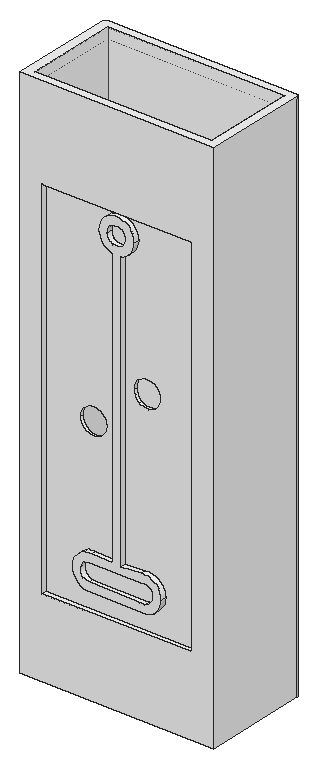
Revit family "STH9730BR_30_STH9730PTO_30", category Luminárias, Revit 2023
Family settings
  Hospedeiro = Parede
  Cota do conector redondo = Utilizar diâmetro
  Tipo de parte = Normal
  Número OmniClass = 23.80.70.00
  Título OmniClass = Lighting
  Sempre na vertical = Sim
  Corte com vazios quando carregada = Não
  Fonte luminosa = Sim
  Manter orientação da anotação = Não
  Compartilhado = Não
  Ponto de cálculo do ambiente = Não
Parameters (values of type "STH9730BR/30 - BRANCO - BIVOLT - 3000K - 200lm")
  Ângulo de inclinação = 90.00°
  Ângulo de Abertura = "70°/70°"
  Wattage = 0.67321 W
  Vidro = Vidro
  URL = "https://stella.com.br/"
  Troca de temperatura da cor de lâmpada com esmaecimento = <Nenhum>
  Tensão Elétrica = "100V-240V"
  built-in parameter 1150107 = 3000 (stored number, unit not read)
  Temperatura da cor (K) = 3000 K
  Referência = "STH9730BR/30"
  Potência = 5 W
  built-in parameter 1150110 = 1 (stored number, unit not read)
  built-in parameter 1150109 = 1 (stored number, unit not read)
  built-in parameter 1114218 = 1 (stored number, unit not read)
  built-in parameter 1150112 = 1 (stored number, unit not read)
  built-in parameter 1150113 = 1 (stored number, unit not read)
  built-in parameter 1150132 = 2
  built-in parameter 1150137 = (empty or 0)
  Modelo = "Wall Mini"
  Luminoso = Luminoso - 3000K
  built-in parameter 1150106 = 0.079577 (stored number, unit not read)
  Largura = 0.02 m
  built-in parameter 1150102 = (empty or 0)
  built-in parameter 1150105 = 7.9577 (stored number, unit not read)
  IRC (Índice de reprodução de cores) = ">80"
  Grau de proteção (IP) = "IP65"
  Fluxo Luminoso = 200 lm
  Color Filter = 16777215
  built-in parameter 1114217 = 1 (stored number, unit not read)
  built-in parameter 1150139 = (empty or 0)
  Fabricante = "Stella"
  Estrutura = Al - Branco
  Default Elevation = 0.00 m
  built-in parameter 1150104 = 13.8 (stored number, unit not read)
  Dimerização = "Não dimerizável"
  built-in parameter 1150115 = 1 (stored number, unit not read)
  built-in parameter 1150114 = 1 (stored number, unit not read)
  Lumens = 100 lm
  built-in parameter 1150138 = (empty or 0)
  built-in parameter 1150134 = (empty or 0)
  Comprimento = 0.036 m
  Arquivo de rede fotométrica = "STELLA - WALL MINI - FACHO ABERTO .ies"
  Altura = 0.10 m
  built-in parameter 1150133 = 10 (stored number, unit not read)
Types (3, lengths in m): name | Referência | Estrutura
  (no name) | "STH9730BR/30" | Al - Branco
  STH9730BR/30 - BRANCO - BIVOLT - 3000K - 200lm | "STH9730BR/30" | Al - Branco
  STH9730PTO/30 - PRETO - BIVOLT - 3000K - 200lm | "STH9730PTO/30" | Al - Preto
Reference planes (m)
  plane 1: y = 0
  plane 2 "Eixo de origem da luz (F/T)": y = 0.1132
  plane 3 "Plano de inclinação da fonte de luz": x = -0.036356
  plane 4 "Elevação da origem da luz": z = 1
  plane 5: x = -0.018356
  plane 6: x = -0.054356
  plane 7: y = 0.1232
  plane 8 "Superior": z = 1.05
  plane 9: z = 0.95
  plane 10 "Centro": z = 1
Forms (m)
  Extrusion 1, solid, material "Al - Branco" <- "Estrutura"
    sketch origin (0, 0, 1) x (0, 1, 0) y (-1, 0, 0)
      loop
        arc (0.1232, 0.053756) -> (0.123024, 0.05418) -> (0.1226, 0.054356) r 0.0006
        line (0.1226, 0.054356) -> (0.1032, 0.054356) -> (0.1032, 0.018356) -> (0.1226, 0.018356)
        arc (0.1226, 0.018356) -> (0.123024, 0.018531) -> (0.1232, 0.018956) r 0.0006
        line (0.1232, 0.018956) -> (0.1232, 0.053756)
      loop
        line (0.1047, 0.052856) -> (0.1047, 0.019856) -> (0.1217, 0.019856) -> (0.1217, 0.052856) -> (0.1047, 0.052856)
    from -0.05 to 0.05
  Extrusion 2, solid, material "Vidro" <- "Vidro"
    sketch origin (0, 0, 1) x (0, 1, 0) y (-1, 0, 0)
      loop
        line (0.1047, 0.052856) -> (0.1047, 0.019856) -> (0.1217, 0.019856) -> (0.1217, 0.052856) -> (0.1047, 0.052856)
    from 0.048 to 0.05
  Extrusion 3, solid, material "Vidro" <- "Vidro"
    sketch origin (0, 0, 1) x (0, 1, 0) y (-1, 0, 0)
      loop
        line (0.1047, 0.052856) -> (0.1047, 0.019856) -> (0.1217, 0.019856) -> (0.1217, 0.052856) -> (0.1047, 0.052856)
    from -0.05 to -0.048
  Extrusion 4, void
    sketch origin (-0.036356, 0, 0) x (0, -1, 0) y (0, 0, 1)
      loop
        line (-0.110858, 0.956738) -> (-0.106144, 0.956738) -> (-0.105431, 0.95753) -> (-0.111496, 0.95753) -> (-0.110858, 0.956738)
      loop
        line (-0.106144, 0.955785) -> (-0.110858, 0.955785) -> (-0.110858, 0.954985) -> (-0.106144, 0.954985) -> (-0.106144, 0.955785)
      loop
        line (-0.110858, 0.954033) -> (-0.111496, 0.953241) -> (-0.105431, 0.953241) -> (-0.106144, 0.954033) -> (-0.110858, 0.954033)
    from 0.01737 to 0.018
  Extrusion 5, void
    sketch origin (0, 0.1132, 0) x (1, 0, 0) y (0, 0, 1)
      loop
        line (-0.022456, 1.0329) -> (-0.050256, 1.0329) -> (-0.050256, 0.9646) -> (-0.022456, 0.9646) -> (-0.022456, 1.0329)
      loop
        circle (-0.036356, 1.029) r 0.00175
      loop
        arc (-0.039606, 1.029) -> (-0.038905, 1.026984) -> (-0.037106, 1.025838) r 0.00325
        line (-0.037106, 1.025838) -> (-0.037106, 0.974255)
        arc (-0.037106, 0.974255) -> (-0.039027, 0.974315) -> (-0.040945, 0.974443) r 0.05475
        arc (-0.040945, 0.974443) -> (-0.044536, 0.97164) -> (-0.041799, 0.968) r 0.00325
        arc (-0.041799, 0.968) -> (-0.036409, 0.967758) -> (-0.031019, 0.967991) r 0.061242
        arc (-0.031019, 0.967991) -> (-0.028906, 0.969033) -> (-0.028052, 0.971228) r 0.00325
        arc (-0.028052, 0.971228) -> (-0.029187, 0.973696) -> (-0.0318, 0.97444) r 0.00325
        arc (-0.0318, 0.97444) -> (-0.033701, 0.974314) -> (-0.035606, 0.974255) r 0.05475
        line (-0.035606, 0.974255) -> (-0.035606, 1.025838)
        arc (-0.035606, 1.025838) -> (-0.033806, 1.026984) -> (-0.033106, 1.029) r 0.00325
        arc (-0.033106, 1.029) -> (-0.036356, 1.03225) -> (-0.039606, 1.029) r 0.00325
      loop
        arc (-0.031614, 0.97295) -> (-0.036356, 0.97275) -> (-0.041097, 0.97295) r 0.05625
        arc (-0.041097, 0.97295) -> (-0.043045, 0.971472) -> (-0.041613, 0.969489) r 0.00175
        arc (-0.041613, 0.969489) -> (-0.036381, 0.969258) -> (-0.03115, 0.969485) r 0.059742
        arc (-0.03115, 0.969485) -> (-0.030012, 0.970046) -> (-0.029552, 0.971228) r 0.00175
        arc (-0.029552, 0.971228) -> (-0.03018, 0.972572) -> (-0.031614, 0.97295) r 0.00175
    from 0.009 to 0.01
  Extrusion 6, void
    sketch origin (0, 0.1132, 0) x (1, 0, 0) y (0, 0, 1)
      loop
        circle (-0.031356, 1.004) r 0.0025
      loop
        circle (-0.041356, 0.996) r 0.0025
    from 0.008564 to 0.010221
Cuts and joins
  Extrusion 4, Extrusion 5, Extrusion 6 cuts Extrusion 1
Text (m)
  text "Lado da colocação" at (0, 1.019848, 3.024603), in view "Direita"
  text "Lado da colocação" at (-0.647662, 0.723012, 0), in view "Nível de referência"
  text "Lado da colocação" at (0, 1.206291, 3.111227), in view "Esquerda"
  text "90 graus" at (-0.2286, 1.537863, 1.719117), in view "Esquerda"
  text "Inclinação da luz de 0 graus" at (-0.2286, 0.870797, 0.30306), in view "Esquerda"
  text "180 graus" at (-0.2286, 0.532154, 2.431909), in view "Esquerda"
Dimensions and locks (m)
  "Comprimento": plane 6 to plane 5
  "Largura": cut or joined group of Extrusion 1, Extrusion 4, Extrusion 5, Extrusion 6 to plane 7
  "Altura": plane 9 to plane 8 "Superior"
  aligned and locked: Extrusion 1 to plane 9
  aligned and locked: plane 8 "Superior" to Extrusion 1
  aligned and locked: Extrusion 1 to Extrusion 2
Automatic sketch dimensions
  Extrusion 1 sketch curve to host wall = 0.00 m
  Extrusion 1 sketch curve to plane 5 = 0.00 m
  Extrusion 1 sketch curve to plane 6 = 0.00 m
  Extrusion 1 sketch curve to plane 7 = 0.00 m
  host wall to Extrusion 1 sketch curve = 0.0015 m
  Extrusion 1 sketch curve to plane 7 = 0.0015 m
  plane 6 to Extrusion 1 sketch curve = 0.0006 m
  Extrusion 1 sketch curve to plane 7 = 0.0006 m
  Extrusion 1 sketch curve to plane 5 = 0.0015 m
  Extrusion 1 sketch curve to Extrusion 1 sketch curve = 0.0009 m
  host wall to Extrusion 2 sketch curve = 0.0015 m
  Extrusion 2 sketch curve to plane 7 = 0.0015 m
  Extrusion 2 sketch curve to plane 5 = 0.0015 m
  plane 6 to Extrusion 2 sketch curve = 0.0015 m
  host wall to Extrusion 3 sketch curve = 0.0015 m
  Extrusion 3 sketch curve to plane 7 = 0.0015 m
  Extrusion 3 sketch curve to plane 5 = 0.0015 m
  plane 6 to Extrusion 3 sketch curve = 0.0015 m
  host wall to Extrusion 4 sketch curve = 0.008296 m
  Extrusion 4 sketch curve to Extrusion 4 sketch curve = 0.00 m  (x4)
  Extrusion 4 sketch curve to Extrusion 4 sketch curve = 0.000638 m  (x2)
  host wall to Extrusion 4 sketch curve = 0.002944 m
  Extrusion 4 sketch curve to Extrusion 4 sketch curve = 0.000713 m  (x2)
  plane 9 to Extrusion 4 sketch curve = 0.003241 m
  Extrusion 4 sketch curve to Extrusion 4 sketch curve = 0.000792 m  (x2)
  Extrusion 4 sketch curve to Extrusion 4 sketch curve = 0.000953 m  (x2)
  Extrusion 4 sketch curve to Extrusion 4 sketch curve = 0.0008 m
  Extrusion 5 sketch curve to Extrusion 5 sketch curve = 0.00 m  (x105)
  plane 3 "Plano de inclinação da fonte de luz" to Extrusion 5 sketch curve = 0.00 m
  plane 3 "Plano de inclinação da fonte de luz" to Extrusion 5 sketch curve = 0.00075 m
  plane 3 "Plano de inclinação da fonte de luz" to Extrusion 5 sketch curve = 0.004959 m
  plane 6 to Extrusion 5 sketch curve = 0.0041 m
  Extrusion 5 sketch curve to plane 3 "Plano de inclinação da fonte de luz" = 0.00075 m
  Extrusion 5 sketch curve to plane 3 "Plano de inclinação da fonte de luz" = 0.005054 m
  Extrusion 5 sketch curve to plane 5 = 0.0041 m
  plane 9 to Extrusion 5 sketch curve = 0.0146 m
  Extrusion 5 sketch curve to Extrusion 5 sketch curve = 0.006614 m
  Extrusion 5 sketch curve to Extrusion 5 sketch curve = 0.000015 m
  Extrusion 5 sketch curve to Extrusion 5 sketch curve = 0.003027 m
  Extrusion 5 sketch curve to plane 8 "Superior" = 0.024162 m
  Extrusion 5 sketch curve to Extrusion 5 sketch curve = 0.003162 m
  Extrusion 5 sketch curve to Extrusion 5 sketch curve = 0.0039 m
  Extrusion 5 sketch curve to Extrusion 5 sketch curve = 0.0015 m
  Extrusion 5 sketch curve to Extrusion 5 sketch curve = 0.000369 m
  Extrusion 5 sketch curve to Extrusion 5 sketch curve = 0.000152 m
  Extrusion 5 sketch curve to Extrusion 5 sketch curve = 0.000299 m
  Extrusion 5 sketch curve to Extrusion 5 sketch curve = 0.000185 m
  Extrusion 5 sketch curve to Extrusion 5 sketch curve = 0.000498 m
  Extrusion 5 sketch curve to Extrusion 5 sketch curve = 0.000186 m
  Extrusion 5 sketch curve to Extrusion 5 sketch curve = 0.000131 m
  Extrusion 6 sketch curve to Extrusion 6 sketch curve = 0.00 m  (x4)
  plane 3 "Plano de inclinação da fonte de luz" to Extrusion 6 sketch curve = 0.005 m
  Extrusion 6 sketch curve to plane 3 "Plano de inclinação da fonte de luz" = 0.005 m
  plane 4 "Elevação da origem da luz" to Extrusion 6 sketch curve = 0.004 m
  Extrusion 6 sketch curve to plane 4 "Elevação da origem da luz" = 0.004 m
  Extrusion 6 sketch curve to Extrusion 6 sketch curve = 0.0025 m  (x2)
Nested families (m)
  nested 1: "Fonte Luminosa Wall Mini - Facho Aberto" at (-0.036356, 0.11695, 1.030014), type "Fonte Luminosa Wall Mini - Facho Aberto"
Connectors (m)
  electrical at (-0.036356, 0.1132, 1)
    settings: index 1, voltage 0 V, apparent load 0 VA, apparent load phase1 0 VA, apparent load phase2 0 VA, apparent load phase3 0 VA, power factor 1, load classification "Outro", number of poles 1, system type 31, power factor state 1, is connector primary yes, connector utility no, sub classification motor no, connector description ""
Definition of nested family "Fonte Luminosa Wall Mini - Facho Aberto"
  Parameters (values of type "Fonte Luminosa Wall Mini - Facho Aberto")
    Tilt Angle = 90.00°
    Wattage = 0.67321 W
    built-in parameter 1150110 = 1 (stored number, unit not read)
    built-in parameter 1114217 = 1 (stored number, unit not read)
    built-in parameter 1150109 = 1 (stored number, unit not read)
    Default Elevation = 0.00 m
    built-in parameter 1150134 = (empty or 0)
    built-in parameter 1150113 = 1 (stored number, unit not read)
    Lumens = 100 lm
    built-in parameter 1150115 = 1 (stored number, unit not read)
    built-in parameter 1150105 = 7.9577 (stored number, unit not read)
    built-in parameter 1150137 = (empty or 0)
    built-in parameter 1150139 = (empty or 0)
    built-in parameter 1150112 = 1 (stored number, unit not read)
    built-in parameter 1150114 = 1 (stored number, unit not read)
    built-in parameter 1150132 = 2
    built-in parameter 1150102 = (empty or 0)
    built-in parameter 1150138 = (empty or 0)
    built-in parameter 1150107 = 3000 (stored number, unit not read)
    built-in parameter 1150106 = 0.079577 (stored number, unit not read)
    built-in parameter 1150104 = 13.8 (stored number, unit not read)
    Dimming Lamp Color Temperature Shift = (empty or 0)
    Color Filter = 16777215
    built-in parameter 1114218 = 1 (stored number, unit not read)
    Photometric Web File = "STELLA - WALL MINI - FACHO ABERTO .ies"
    built-in parameter 1150133 = 10 (stored number, unit not read)
  Reference planes (m)
    plane 1 "Eixo de origem da luz (F/T)": y = 0
    plane 2: z = 0
    plane 3 "Eixo de origem da luz (E/D)": x = 0
    plane 4 "Elevação da origem da luz": z = 0
  Dimensions and locks (m)
    aligned and locked: plane 3 "Eixo de origem da luz (E/D)" to imposter light
    aligned and locked: plane 1 "Eixo de origem da luz (F/T)" to imposter light
    aligned and locked: plane 4 "Elevação da origem da luz" to imposter light
    aligned and locked: level to plane 2
